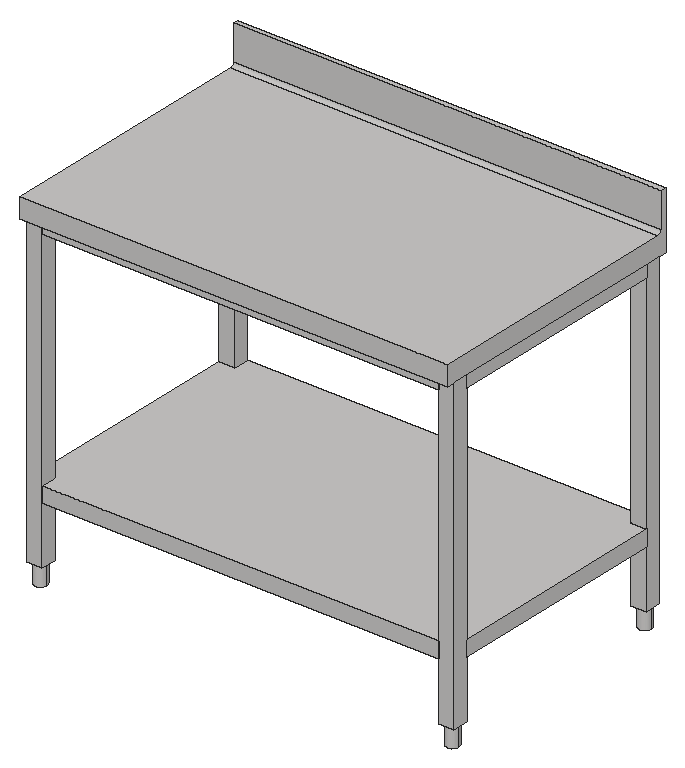
Revit family "QF_ELECTROLUXPROFESSIONAL_134094_LSGTG1110E", category Attrezzature speciali, Revit 2020
Family settings
  Quota connettore circolare = Usa diametro
  Tipo di parte = Normale
  Basato su piano di lavoro = No
  Sempre verticale = Sì
  Taglio con vuoti quando caricato = No
  Condiviso = No
  Punto di calcolo locali = No
Parameters (values of type "Standard")
  Weight = 40.00 kg
  Watts = 0 W
  Volts = 0 V
  URL Manufacturer = "https://www.electroluxprofessional.com/"
  URL = "https://www.electroluxprofessional.com/"
  Steam Supply Size = 0 mm
  Steam Supply Minimum Pressure = 0.0 Pa
  Steam Supply Maximum Pressure = 0.0 Pa
  Steam Consumption per Hour = 0
  Refrigeration Suction Line Size = 0.0 mm
  Refrigeration Liquid Line Size = 0.0 mm
  Refrigerant Compressor Remote = yes
  Prospetto di default = 0.0 mm
  Produttore = "Electrolux Professional"
  Phase = 0
  Modello = "LSGTG1110E"
  Length Actual = 1100.0 mm  # constant formula
  Item Number = "134094"
  Hot Water Size = 0 mm
  Height Actual = 1000.0 mm  # constant formula
  HP = "0 HP"
  Gas Size = 0 mm
  Gas KW = 0
  Gas Input Pressure = 0 W
  Direct Waste Size = 0 mm
  Descrizione = "WORK TABLE 1100 MM+UPSTAND+LOWER SHELF"
  Depth Actual = 700.0 mm  # constant formula
  Cycle = 0 Hz
  Condensate Return Size = 0 mm
  Compressed Air Volume = 0.0 L/s
  Compressed Air Size = 0 mm
  Compressed Air Pressure = 0.0 Pa
  Cold Water Size = 0 mm
  Accessory = yes
Reference planes
  plane 1 "Center (Front/Back)": y = 0
  plane 2: z = 0
  plane 3 "Center (Left/Right)": x = -50
  plane 4 "LEFT": x = -600
  plane 5 "RIGHT": x = 500
  plane 6 "BACK": y = 350
  plane 7 "FRONT": y = -350
  plane 8 "Base": z = 850
  plane 9 "TOP": z = 900
  plane 10: x = -580
  plane 11: x = 480
  plane 12: y = 310
  plane 13: y = -310
  plane 14 "TRAVERSI": z = 820
  plane 15: x = -560
  plane 16: x = 460
  plane 17: y = 290
  plane 18: y = -290
  plane 19: y = 330
  plane 20: y = -330
  plane 21 "Plane": z = 200
Forms (mm)
  Extrusion 1, solid, material "QF_Finishes_Stainless Steel"
    sketch origin (-50, 0, 0) x (0, 1, 0) y (0, 0, 1)
      loop
        line (-350, 850) -> (350, 850) -> (350, 1000) -> (337, 1000) -> (337, 910)
        arc (337, 910) -> (334.071, 902.929) -> (327, 900) r 10
        line (327, 900) -> (-350, 900) -> (-350, 850)
    from 550 to -550
  Extrusion 2, solid, material "QF_Finishes_Stainless Steel"
    sketch origin (0, 0, 820) x (0, 1, 0) y (-1, 0, 0)
      loop
        line (290, -460) -> (-290, -460) -> (-290, -500) -> (290, -500) -> (290, -460)
      loop
        line (290, 600) -> (-290, 600) -> (-290, 560) -> (290, 560) -> (290, 600)
    from 0 to 30
  Extrusion 3, solid, material "QF_Finishes_Stainless Steel"
    sketch origin (0, 0, 820) x (0, 1, 0) y (-1, 0, 0)
      loop
        line (330, -460) -> (330, 560) -> (290, 560) -> (290, -460) -> (330, -460)
      loop
        line (-290, 560) -> (-330, 560) -> (-330, -460) -> (-290, -460) -> (-290, 560)
    from 0 to 30
  Extrusion 4, solid, material "QF_Finishes_Stainless Steel"
    sketch origin (0, 0, 200) x (0, 1, 0) y (-1, 0, 0)
      loop
        line (290, 600) -> (-290, 600) -> (-290, 560) -> (-330, 560) -> (-330, -460) -> (-290, -460) -> (-290, -500) -> (290, -500) -> (290, -460) -> (330, -460) -> (330, 560) -> (290, 560) -> (290, 600)
    from 0 to 40
Lines and regions (mm)
  symbolic lines
    curve 1: line (500, 350, 900) -> (-600, 350, 900)
    curve 2: line (-600, 350, 900) -> (-600, -350, 900)
    curve 3: line (-600, -350, 900) -> (500, -350, 900)
    curve 4: line (500, -350, 900) -> (500, 350, 900)
    curve 5: line (-600, 337, 820) -> (500, 337, 820)
Dimensions and locks
  plane 4 "LEFT" to plane 5 "RIGHT" = 1100.0 mm
  equal spacing: plane 4 "LEFT", plane 3 "Center (Left/Right)", plane 5 "RIGHT"
  plane 4 "LEFT" to plane 10 = 20.0 mm
  plane 11 to plane 5 "RIGHT" = 20.0 mm
  plane 10 to plane 11 = 1060.0 mm
  plane 6 "BACK" to plane 12 = 40.0 mm
  plane 13 to plane 7 "FRONT" = 40.0 mm
  plane 6 "BACK" to plane 7 "FRONT" = 700.0 mm
  plane 12 to plane 13 = 620.0 mm
  equal spacing: plane 6 "BACK", plane 1 "Center (Front/Back)", plane 7 "FRONT"
  plane 8 "Base" to plane 14 "TRAVERSI" = 30.0 mm
  locked: plane 10 to plane 15 at 20
  locked: plane 16 to plane 11 at 20
  locked: plane 19 to plane 12 at 20
  locked: plane 12 to plane 17 at 20
  locked: plane 18 to plane 13 at 20
  locked: plane 13 to plane 20 at 20
  locked: plane 8 "Base" to level at 850
  locked: Extrusion 1 to level at 1000
  locked: plane 21 "Plane" to level at 200
  aligned and locked: level to plane 2
  aligned and locked: plane 10 to nested 1
  aligned and locked: nested 1 to plane 13
  aligned and locked: plane 11 to nested 2
  aligned and locked: nested 2 to plane 13
  aligned and locked: plane 11 to nested 4
  aligned and locked: nested 4 to plane 12
  aligned and locked: plane 10 to nested 3
  aligned and locked: nested 3 to plane 12
  aligned and locked: Extrusion 1 to plane 4 "LEFT"
  aligned and locked: plane 5 "RIGHT" to Extrusion 1
  aligned and locked: curve 2 to plane 4 "LEFT"
  aligned and locked: Extrusion 2 sketch curve to plane 5 "RIGHT"
  aligned and locked: Extrusion 2 sketch curve to plane 17  (x2)
  aligned and locked: plane 16 to Extrusion 2 sketch curve
  aligned and locked: plane 18 to Extrusion 2 sketch curve  (x2)
  aligned and locked: plane 4 "LEFT" to Extrusion 2 sketch curve
  aligned and locked: Extrusion 2 sketch curve to plane 15
  aligned and locked: plane 19 to Extrusion 3 sketch curve
  aligned and locked: Extrusion 3 sketch curve to plane 17
  aligned and locked: Extrusion 3 sketch curve to plane 18
  aligned and locked: plane 20 to Extrusion 3 sketch curve
  aligned and locked: Extrusion 3 sketch curve to plane 15
  aligned and locked: plane 15 to Extrusion 3 sketch curve
  aligned and locked: plane 16 to Extrusion 3 sketch curve
  aligned and locked: Extrusion 3 sketch curve to plane 16
  aligned and locked: curve 5 to Extrusion 1
  aligned and locked: plane 19 to Extrusion 4 sketch curve
  aligned and locked: plane 5 "RIGHT" to Extrusion 4 sketch curve
  aligned and locked: Extrusion 4 sketch curve to plane 4 "LEFT"
  aligned and locked: Extrusion 4 sketch curve to plane 20
  aligned and locked: Extrusion 4 sketch curve to Extrusion 2
  aligned and locked: Extrusion 4 sketch curve to plane 15
  aligned and locked: plane 17 to Extrusion 4 sketch curve  (x2)
  aligned and locked: Extrusion 4 sketch curve to plane 18  (x2)
  aligned and locked: plane 16 to Extrusion 4 sketch curve  (x2)
Automatic sketch dimensions
  curve 3 to plane 7 "FRONT" = 0.0 mm
  curve 4 to plane 6 "BACK" = 0.0 mm
  curve 4 to plane 5 "RIGHT" = 0.0 mm
  Extrusion 1 sketch curve to plane 7 "FRONT" = 0.0 mm
  Extrusion 1 sketch curve to plane 9 "TOP" = 0.0 mm
  Extrusion 1 sketch curve to plane 6 "BACK" = 0.0 mm
  Extrusion 1 sketch curve to plane 8 "Base" = 0.0 mm
  Extrusion 1 sketch curve to plane 19 = 3.0 mm
  plane 19 to Extrusion 1 sketch curve = 7.0 mm
  Extrusion 1 sketch curve to Extrusion 1 sketch curve = 90.0 mm
  curve 5 to plane 5 "RIGHT" = 0.0 mm
  curve 5 to plane 4 "LEFT" = 0.0 mm
Nested families
  nested 1: "FEET_40x40_P50" at (-580, -310, 0), type "FEET_40x40_P50"
  nested 2: "FEET_40x40_P50" at (480, -310, 0), type "FEET_40x40_P50"
  nested 3: "FEET_40x40_P50" at (-580, 310, 0), type "FEET_40x40_P50"
  nested 4: "FEET_40x40_P50" at (480, 310, 0), type "FEET_40x40_P50"
Definition of nested family "FEET_40x40_P50"
  Parameters
    Default Elevation = 0.0 mm
    FEET = 850.0 mm
  Reference planes
    plane 1 "Center (Front/Back)": y = 0
    plane 2: z = 0
    plane 3 "Center (Left/Right)": x = 0
    plane 4: z = 850
  Forms (mm)
    Extrusion 1, solid
      sketch origin (0, 0, 0) x (1, 0, 0) y (0, 1, 0)
        loop
          line (-20, -20) -> (20, -20) -> (20, 20) -> (-20, 20) -> (-20, -20)
      from 50 to 850
    Extrusion 2, solid
      sketch origin (0, 0, 0) x (1, 0, 0) y (0, 1, 0)
        loop
          circle (0, 0) r 16
      from 0 to 50
  Lines and regions (mm)
    symbolic lines
      curve 1: line (0, -1.503, 0) -> (0, 1.508, 0)
      curve 2: line (1.561, 0, 0) -> (-1.439, 0, 0)
  Dimensions and locks
    "FEET": plane 4 to plane 2
    aligned and locked: level to plane 2
  Automatic sketch dimensions
    Extrusion 1 sketch curve to plane 3 "Center (Left/Right)" = 20.0 mm
    plane 3 "Center (Left/Right)" to Extrusion 1 sketch curve = 20.0 mm
    plane 1 "Center (Front/Back)" to Extrusion 1 sketch curve = 20.0 mm
    Extrusion 1 sketch curve to plane 1 "Center (Front/Back)" = 20.0 mm
    plane 1 "Center (Front/Back)" to Extrusion 2 sketch curve = 0.0 mm
    Extrusion 2 sketch curve to plane 3 "Center (Left/Right)" = 0.0 mm
    plane 1 "Center (Front/Back)" to curve 2 = 0.0 mm
    curve 1 to plane 3 "Center (Left/Right)" = 0.0 mm
    curve 2 to plane 3 "Center (Left/Right)" = 1.439 mm
    plane 3 "Center (Left/Right)" to curve 2 = 1.561 mm
    plane 1 "Center (Front/Back)" to curve 1 = 1.503 mm
    curve 1 to plane 1 "Center (Front/Back)" = 1.508 mm
    radius of Extrusion 2 sketch curve = 16.0 mm
